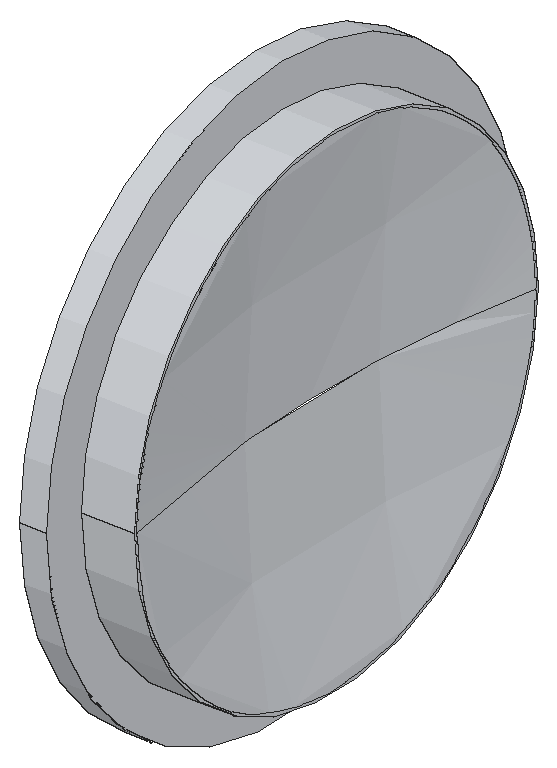
Revit family "9dd073bd2a8b40c3996bfaf75a8be895", category Pipe Fittings, Revit 2021
Family settings
  Round Connector Dimension = Use Radius
  Part Type = Cap
  OmniClass Number = 23.60.30.11.14
  OmniClass Title = Pipework Fittings
  Seek Item ID = Cap - PVC - Sch 40-0000-USA-ENU
  Work Plane-Based = No
  Always vertical = Yes
  Cut with Voids When Loaded = No
  Shared = No
Parameters (values of type "Standard")
  Nominal Radius [instance] = 15.0000"
  Nominal Diameter [instance] = Nominal Radius * 2  # 30.0000"
  Loss Method = Not Defined
  Socket Outside Radius [instance] = Socket Outside Diameter / 2  # 16.7500"
  Socket Outside Diameter [instance] = size_lookup(Lookup Table Name, "SOD", 1.08 * Nominal Diameter + 1.12109", Nominal Diameter)  # 33.5000"
  Lookup Table Name = "Cap Dished - MJ - GI - Class 150"
  Length 1 [instance] = (((Socket Outside Radius * Socket Outside Radius) / Gland Width) - Gland Width) / 2  # 76.59845"
  Length [instance] = size_lookup(Lookup Table Name, "Lgt", 0.09 * Nominal Diameter + 2.5700", Nominal Diameter)  # 5.3700"
  Gland Width [instance] = size_lookup(Lookup Table Name, "GWid", 0.03 * Nominal Diameter + 0.9400", Nominal Diameter)  # 1.8100"
  Gland Outside Radius [instance] = Gland Outside Diameter / 2  # 19.5600"
  Gland Outside Diameter [instance] = size_lookup(Lookup Table Name, "GOD", 1.16 * Nominal Diameter + 4.0300", Nominal Diameter)  # 39.1200"
  Default Elevation = 0.0000"
Reference planes (in)
  plane 1 "Center (Front/Back)": y = 0
  plane 2: z = 0
  plane 3 "Center (Left/Right)": x = 0
  plane 4: x = 5.37
  plane 5: y = 16.75
  plane 6: y = -16.75
  plane 7: x = 1.81
  plane 8: x = 3.56
  plane 9 "void cl": x = 80.15845
Forms (in)
  Extrusion 1, solid, detail levels fine
    sketch origin (0, 0, 0) x (0, 1, 0) y (0, 0, 1)
      loop
        circle (0, 0) r 19.56
    from 0 to 1.81
  Extrusion 2, solid, detail levels fine
    sketch origin (0, 0, 0) x (0, 1, 0) y (0, 0, 1)
      loop
        circle (0, 0) r 16.75
    from 1.81 to 5.37
  Revolve 3, void
    sketch origin (0, 0, 0) x (1, 0, 0) y (0, 1, 0)
      loop
        arc (80.15845, 76.59845) -> (3.56, 0) -> (80.15845, -76.59845) r 76.59845
        line (80.15845, -76.59845) -> (80.15845, 76.59845)
      axis (80.15845, 76.59845) -> (80.15845, -76.59845)
    angle from 0 to 360
Cuts and joins
  Revolve 3 cuts Extrusion 2
  joined: Extrusion 1, Extrusion 2
Lines and regions (in)
  model lines, detail levels coarse+medium
    curve 1: line (0, 16.75, 0) -> (5.37, 16.75, 0)
    curve 2: line (5.37, 16.75, 0) -> (5.37, -16.75, 0)
    curve 3: line (5.37, -16.75, 0) -> (0, -16.75, 0)
Dimensions and locks (in)
  "Socket Outside Radius": plane 1 "Center (Front/Back)" to plane 5
  "Socket Outside Radius": plane 6 to plane 1 "Center (Front/Back)"
  "Gland Width": plane 3 "Center (Left/Right)" to plane 7
  "Gland Width": plane 8 to plane 4
  "Length 1": plane 8 to plane 9 "void cl"
  "Length": plane 3 "Center (Left/Right)" to plane 4
  "Gland Outside Radius": radius of Extrusion 1 sketch curve
  "Socket Outside Radius": radius of Extrusion 2 sketch curve
  "Length 1": radius of Revolve 3 sketch curve
  aligned and locked: curve 2 to plane 4
  aligned and locked: plane 3 "Center (Left/Right)" to curve 1
  aligned and locked: plane 3 "Center (Left/Right)" to curve 3
  aligned and locked: curve 1 to plane 5
  aligned and locked: curve 3 to plane 6
  aligned and locked: plane 1 "Center (Front/Back)" to Extrusion 1 sketch curve
  aligned and locked: plane 2 to Extrusion 1 sketch curve
  aligned and locked: Extrusion 1 to plane 3 "Center (Left/Right)"
  aligned and locked: Extrusion 1 to plane 7
  aligned and locked: Extrusion 2 to plane 7
  aligned and locked: plane 4 to Extrusion 2
  aligned and locked: plane 2 to Extrusion 2 sketch curve
  aligned and locked: plane 1 "Center (Front/Back)" to Extrusion 2 sketch curve
  aligned and locked: Revolve 3 sketch curve to plane 9 "void cl"
  aligned and locked: plane 1 "Center (Front/Back)" to Revolve 3 sketch curve
  aligned and locked: Revolve 3 sketch curve to Revolve 3 sketch curve
Automatic sketch dimensions
  plane 6 to Revolve 3 sketch curve = 1.4500"
  Revolve 3 sketch curve to Revolve 3 sketch curve = 0.4750"
Connectors (in)
  piping at (0, 0, 0), diameter 30, driven by "Nominal Radius"
    settings: on Extrusion 1, index 1, connector inside diameter 30.0000", connector length 0.0000", flow factor 0, pipe flow 0 GPM, pressure drop 0.00 psi, fitting loss kfactor 0, connector angle 0.00°, fixture units 0, engagement length 0.0000", angle of deflection 0.00°, flow configuration 0, flow direction 0, fitting loss method 0, system type 28, joint type 0, gender type 0, connector reference index -1, connector utility 0, adjustable connector no, is connector primary yes, connector description ""
